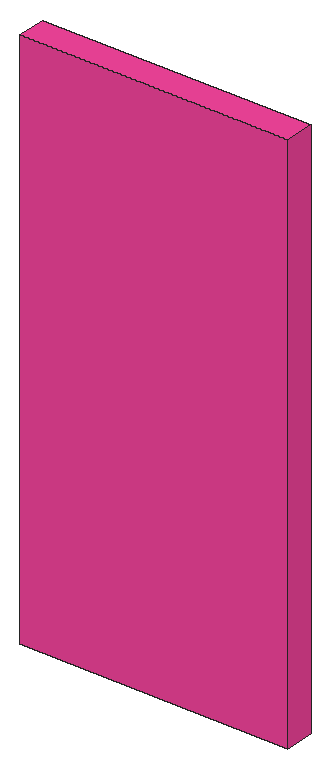
Revit family "EXP_WT-1C_CPan-001", category Curtain Panels, Revit 2021
Family settings
  OmniClass Number = 23.25.20.14.11.11.17
  OmniClass Title = Infill Panels
  Always vertical = Yes
  Cut with Voids When Loaded = No
  Shared = No
Parameters
  UI-UnitNumber [instance] = "001"
  UI-Quadrant [instance] = "SE"
  UI-ProjectAbbreviation = "NEU"
  UI-ItemCategory = "PID"
  UI-FloorNumber [instance] = "03"
  PNT-WallType = "WT1C"
  PNT-ProjectAbbreviation = "NEU"
  PNT-PanelType [instance] = "01"
  PNT-ItemCategory = "PNL"
  GlassH1 [instance] = MP-F(Glass)
  Define Thermal Properties by = Schematic Type
  CellSp = 0' - 10 3/16"
  CellL [instance] = 7' - 10"
  CellH1 [instance] = CellH  # 15' - 11 1/2"
  CellH [instance] = 15' - 11 1/2"
  Analytic Construction = "<None>"
Reference planes (in)
  plane 1 "Center (Front/Back)": y = 0
  plane 2: z = 0
  plane 3 "Center (Left/Right)": x = 0
  plane 4 "Left": x = -47
  plane 5 "Right": x = 47
  plane 6 "Top": z = 191.5
  plane 7: y = -10.1875
Forms (in)
  Extrusion 1, solid, material "MP-F(Glass)" <- "GlassH1"
    sketch origin (0, 0, 0) x (0, 1, 0) y (0, 0, 1)
      loop
        line (0, 191.5) -> (-10.1875, 191.5) -> (-10.1875, 0) -> (0, 0) -> (0, 191.5)
    from -47 to 47
Text (in)
  text "Exterior" at (-92.59733, 55.75508, 0), in view "Ref. Level"
  text "Exterior" at (0, 90.18664, 173.49264), in view "Left"
  text "Exterior" at (0, 52.29083, 162.21847), in view "Right"
Dimensions and locks (in)
  equal spacing: plane 4 "Left", plane 3 "Center (Left/Right)", plane 5 "Right"  (x2)
  "CellL": plane 4 "Left" to plane 5 "Right"
  "CellH": plane 2 to plane 6 "Top"
  "CellSp": plane 7 to plane 1 "Center (Front/Back)"
  aligned and locked: level to plane 2
  aligned and locked: Extrusion 1 sketch curve to level
  aligned and locked: Extrusion 1 sketch curve to plane 7
  aligned and locked: Extrusion 1 to plane 5 "Right"
  aligned and locked: plane 4 "Left" to Extrusion 1
  aligned and locked: Extrusion 1 to plane 6 "Top"
  aligned and locked: plane 5 "Right" to nested 1
  aligned and locked: plane 4 "Left" to nested 1
  aligned and locked: Extrusion 1 to plane 2
  aligned and locked: nested 1 to plane 6 "Top"
  aligned and locked: plane 1 "Center (Front/Back)" to nested 1
Automatic sketch dimensions
  Extrusion 1 sketch curve to plane 1 "Center (Front/Back)" = 0' - 0"
  level to Extrusion 1 sketch curve = 15' - 11 1/2"
Nested families (in)
  nested 1: "EXP_xx_DetO-002" at (0, 0, 0), CellH <- "CellH", CellL <- "CellL", type "EXP_xx_DetO-002", detail levels coarse
    with CellL 7' - 10", CellH 15' - 11 1/2"
Definition of nested family "EXP_xx_DetO-002"
  Parameters (values of type "EXP_xx_DetO-002")
    Default Elevation = 0' - 0"
    CellL [instance] = 5' - 4.56693"
    CellH [instance] = 5' - 2.99213"
  Reference planes (in)
    plane 1 "Center (Front/Back)": y = 0
    plane 2: z = 0
    plane 3 "Center (Left/Right)": x = 0
    plane 4: x = -32.28346
    plane 5: x = 32.28346
    plane 6: z = 62.99213
  Lines and regions (in)
    model lines
      curve 1: line (-32.28346, 0, 62.99213) -> (32.28346, 0, 0)
      curve 2: line (32.28346, 0, 62.99213) -> (-32.28346, 0, 0)
  Dimensions and locks (in)
    "CellH": plane 6 to level
    equal spacing: plane 4, plane 3 "Center (Left/Right)", plane 5
    "CellL": plane 4 to plane 5
    aligned and locked: level to plane 2
  Automatic sketch dimensions
    curve 2 to level = 0' - 0"
    plane 4 to curve 2 = 0' - 0"
    plane 4 to curve 1 = 0' - 0"
    plane 5 to curve 2 = 0' - 0"
    curve 1 to level = 0' - 0"
    plane 5 to curve 1 = 0' - 0"
    curve 2 to plane 6 = 0' - 0"
    curve 1 to plane 6 = 0' - 0"
